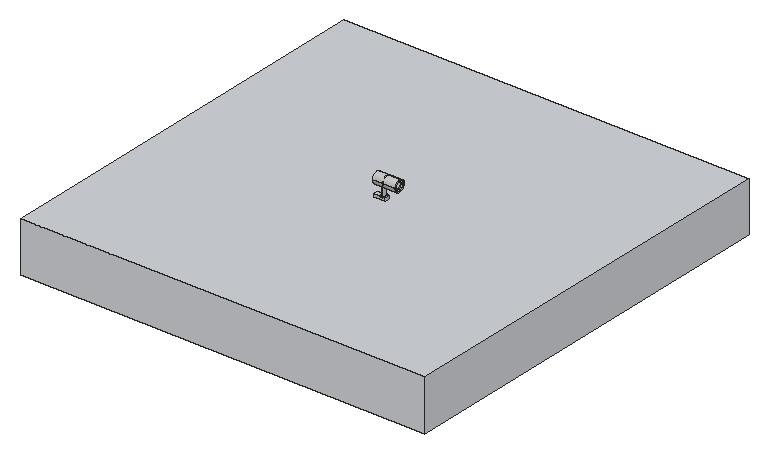
Revit family "LAMP_HANCE TRACK MEDIUM FLOOD", category Modelos genéricos, Revit 2015
Parameters (values of type "751LM 3000 BLACK")
  Weight = 0.47 kg
  Type = "COB PHILIPS"
  Total height = 190 mm
  Tilting angle [instance] = 90.00°
  Tilting [instance] = if(Tilting angle < 0.00°, 0.00°, if(Tilting angle > 90.00°, 90.00°, Tilting angle))  # 90.00°
  Rotation angle [instance] = 0.00°
  Rotation [instance] = if(Rotation angle < 0.00°, 90.00°, if(Rotation angle > 355.00°, 85.00°, Rotation angle + 90.00°))  # 90.00°
  Protection rating = "IP20"
  Profundidad tija = if(Longitud cuerpo = 210 mm, 18 mm, 8.2 mm)  # 8.2 mm
  Product datasheet = "http://www.lamp.es/product-files/TECH/HS1TK10MF830NBB-EN.pdf"
  Product code = "HS1TK10MF830NBB"
  Product URL = "http://www.lamp.es/en/family/hance_173901"
  Power Supply = "220-240V 50-60Hz"
  Power = 7 W
  Plum = 8.2 W
  Photometric web file = Cuerpo Hance TRACK MEDIUM FLOOD (tilting) : 751LM 3000 BLACK
  Modelo = Product code  # "HS1TK10MF830NBB"
  Model explanation = "Availability of tilting between 0º and 90º, rotation between 0º and 355º and change ring color when placed in a project."
  Material track = LAMP_Aluminio Hance Negro
  Material tija = LAMP_Aluminio Hance Negro
  Manufacturer name = "LAMP"
  Manufacturer country = "Spain"
  Manufacturer URL = "http://www.lamp.es/en"
  MacAdam = "3"
  Luminaire type = "Indoor - Spotlight"
  Longitud cuerpo = 135 mm
  Longitud aro = if(Longitud cuerpo = 135 mm, 63.6 mm, if(Longitud cuerpo = 170 mm, 98.6 mm, 138.6 mm))  # 63.6 mm
  Last update = "08/08/2018"
  Lamp = "LED COB"
  LED Lifetime = "50.000 L90 B10"
  Insulation class = "I"
  Installation instructions = "http://www.lamp.es/product-files/INS/1004280-A-INSTR.%20MONT%20HANCE%20TRACK220-SUR-REC.pdf"
  Initial intensity = 751 lm
  Initial color = 3000 K
  IEE = "A+"
  Gear = "Electronic"
  Finish = "Texturised black"
  Fabricante = Manufacturer name  # "LAMP"
  Default Elevation = 1219.2 mm
  Efficacy = 91.63 lm/W
  Diameter = 65 mm
  Descripción = "HANCE TRACK 220 1000 WW MFL BK."
  Decorative ring [instance] = Aro decorativo (tilting) : Black
  Comentarios de tipo = Model explanation  # "Availability of tilting between 0º and 90º, rotation between 0º and 355º and change ring color when placed in a project."
  CRI = "80"
  Body height = 135 mm
  Angulo aro [instance] = if(Tilting = 90.00°, 90.00°, -Tilting + 180.00°)  # 90.00°
  Anchura tija = if(Longitud cuerpo = 210 mm, 28 mm, 23 mm)  # 23 mm
  Altura tija = if(Longitud cuerpo = 210 mm, 49 mm, 63 mm)  # 63 mm
Types (17, lengths in mm): name | Weight | Total height | Profundidad tija | Product datasheet | Product code | Power | Plum | Photometric web file | Modelo | Material track | Material tija | Longitud cuerpo | Longitud aro | LED Lifetime | Initial intensity | Initial color | IEE | Finish | Efficacy | Diameter | Descripción | Body height | Anchura tija | Altura tija
  (no name) | 0.47 kg | 190 | 8.2 | "http://www.lamp.es/product-files/TECH/HS1TK10MF830NBB-EN.pdf" | "HS1TK10MF830NBB" | 7 W | 8.2 W | Cuerpo Hance TRACK MEDIUM FLOOD (tilting) : 751LM 3000 BLACK | "HS1TK10MF830NBB" | LAMP_Aluminio Hance Negro | LAMP_Aluminio Hance Negro | 135 | 63.6 | "50.000 L90 B10" | 751 lm | 3000 K | "A+" | "Texturised black" | 91.63 lm/W | 65 | "HANCE TRACK 220 1000 WW MFL BK." | 135 | 23 | 63
  751LM 3000 BLACK | 0.47 kg | 190 | 8.2 | "http://www.lamp.es/product-files/TECH/HS1TK10MF830NBB-EN.pdf" | "HS1TK10MF830NBB" | 7 W | 8.2 W | Cuerpo Hance TRACK MEDIUM FLOOD (tilting) : 751LM 3000 BLACK | "HS1TK10MF830NBB" | LAMP_Aluminio Hance Negro | LAMP_Aluminio Hance Negro | 135 | 63.6 | "50.000 L90 B10" | 751 lm | 3000 K | "A+" | "Texturised black" | 91.63 lm/W | 65 | "HANCE TRACK 220 1000 WW MFL BK." | 135 | 23 | 63
  751LM 3000 WHITE | 0.47 kg | 190 | 8.2 | "http://www.lamp.es/product-files/TECH/HS1TK10MF830NBW-EN.pdf" | "HS1TK10MF830NBW" | 7 W | 8.2 W | Cuerpo Hance TRACK MEDIUM FLOOD (tilting) : 751LM 3000 WHITE | "HS1TK10MF830NBW" | LAMP_Aluminio Hance Blanco | LAMP_Aluminio Hance Blanco | 135 | 63.6 | "50.000 L90 B10" | 751 lm | 3000 K | "A+" | "Texturised matt white" | 91.63 lm/W | 65 | "HANCE TRACK 220 1000 WW MFL WH." | 135 | 23 | 63
  794LM 4000 BLACK | 0.47 kg | 190 | 8.2 | "http://www.lamp.es/product-files/TECH/HS1TK10MF840NBB-EN.pdf" | "HS1TK10MF840NBB" | 7 W | 8.2 W | Cuerpo Hance TRACK MEDIUM FLOOD (tilting) : 794LM 4000 BLACK | "HS1TK10MF840NBB" | LAMP_Aluminio Hance Negro | LAMP_Aluminio Hance Negro | 135 | 63.6 | "50.000 L90 B10" | 794 lm | 4000 K | "A++" | "Texturised black" | 96.83 lm/W | 65 | "HANCE TRACK 220 1000 NW MFL BK." | 135 | 23 | 63
  794LM 4000 WHITE | 0.47 kg | 190 | 8.2 | "http://www.lamp.es/product-files/TECH/HS1TK10MF840NBW-EN.pdf" | "HS1TK10MF840NBW" | 7 W | 8.2 W | Cuerpo Hance TRACK MEDIUM FLOOD (tilting) : 794LM 4000 WHITE | "HS1TK10MF840NBW" | LAMP_Aluminio Hance Blanco | LAMP_Aluminio Hance Blanco | 135 | 63.6 | "50.000 L90 B10" | 794 lm | 4000 K | "A++" | "Texturised matt white" | 96.83 lm/W | 65 | "HANCE TRACK 220 1000 NW MFL WH." | 135 | 23 | 63
  1612LM 3000 BLACK | 0.65 kg | 225 | 8.2 | "http://www.lamp.es/product-files/TECH/HS1TK20MF830NBB-EN.pdf" | "HS1TK20MF830NBB" | 18 W | 21 W | Cuerpo Hance TRACK MEDIUM FLOOD (tilting) : 1612LM 3000 BLACK | "HS1TK20MF830NBB" | LAMP_Aluminio Hance Negro | LAMP_Aluminio Hance Negro | 170 | 98.6 | "50.000 L80 B10" | 1612 lm | 3000 K | "A+" | "Texturised black" | 76.74 lm/W | 65 | "HANCE TRACK 220 2000 WW MFL BK." | 170 | 23 | 63
  1612LM 3000 WHITE | 0.65 kg | 225 | 8.2 | "http://www.lamp.es/product-files/TECH/HS1TK20MF830NBW-EN.pdf" | "HS1TK20MF830NBW" | 18 W | 21 W | Cuerpo Hance TRACK MEDIUM FLOOD (tilting) : 1612LM 3000 WHITE | "HS1TK20MF830NBW" | LAMP_Aluminio Hance Blanco | LAMP_Aluminio Hance Blanco | 170 | 98.6 | "50.000 L80 B10" | 1612 lm | 3000 K | "A+" | "Texturised matt white" | 76.74 lm/W | 65 | "HANCE TRACK 220 2000 WW MFL WH." | 170 | 23 | 63
  1703LM 4000 BLACK | 0.65 kg | 225 | 8.2 | "http://www.lamp.es/product-files/TECH/HS1TK20MF840NBB-EN.pdf" | "HS1TK20MF840NBB" | 18 W | 21 W | Cuerpo Hance TRACK MEDIUM FLOOD (tilting) : 1703LM 4000 BLACK | "HS1TK20MF840NBB" | LAMP_Aluminio Hance Negro | LAMP_Aluminio Hance Negro | 170 | 98.6 | "50.000 L80 B10" | 1703 lm | 4000 K | "A+" | "Texturised black" | 81.09 lm/W | 65 | "HANCE TRACK 220 2000 NW MFL BK." | 170 | 23 | 63
  1703LM 4000 WHITE | 0.65 kg | 225 | 8.2 | "http://www.lamp.es/product-files/TECH/HS1TK20MF840NBW-EN.pdf" | "HS1TK20MF840NBW" | 18 W | 21 W | Cuerpo Hance TRACK MEDIUM FLOOD (tilting) : 1703LM 4000 WHITE | "HS1TK20MF840NBW" | LAMP_Aluminio Hance Blanco | LAMP_Aluminio Hance Blanco | 170 | 98.6 | "50.000 L80 B10" | 1703 lm | 4000 K | "A+" | "Texturised matt white" | 81.09 lm/W | 65 | "HANCE TRACK 220 2000 NW MFL WH." | 170 | 23 | 63
  2625LM 3000 BLACK | 1.35 kg | 265 | 18 | "http://www.lamp.es/product-files/TECH/HS1TK30MF830NBB-EN.pdf" | "HS1TK30MF830NBB" | 26 W | 28.6 W | Cuerpo Hance TRACK MEDIUM FLOOD (tilting) : 2625LM 3000 BLACK | "HS1TK30MF830NBB" | LAMP_Aluminio Hance Negro | LAMP_Aluminio Hance Negro | 210 | 138.6 | "50.000 L80 B10" | 2625 lm | 3000 K | "A+" | "Texturised black" | 91.77 lm/W | 90 | "HANCE TRACK 220 3000 WW MFL BK." | 210 | 28 | 49
  2625LM 3000 WHITE | 1.35 kg | 265 | 18 | "http://www.lamp.es/product-files/TECH/HS1TK30MF830NBW-EN.pdf" | "HS1TK30MF830NBW" | 26 W | 28.6 W | Cuerpo Hance TRACK MEDIUM FLOOD (tilting) : 2625LM 3000 WHITE | "HS1TK30MF830NBW" | LAMP_Aluminio Hance Blanco | LAMP_Aluminio Hance Blanco | 210 | 138.6 | "50.000 L80 B10" | 2625 lm | 3000 K | "A+" | "Texturised matt white" | 91.77 lm/W | 90 | "HANCE TRACK 220 3000 WW MFL WH." | 210 | 28 | 49
  2744LM 4000 BLACK | 1.35 kg | 265 | 18 | "http://www.lamp.es/product-files/TECH/HS1TK30MF840NBB-EN.pdf" | "HS1TK30MF840NBB" | 26 W | 28.6 W | Cuerpo Hance TRACK MEDIUM FLOOD (tilting) : 2744LM 4000 BLACK | "HS1TK30MF840NBB" | LAMP_Aluminio Hance Negro | LAMP_Aluminio Hance Negro | 210 | 138.6 | "50.000 L80 B10" | 2744 lm | 4000 K | "A+" | "Texturised black" | 95.94 lm/W | 90 | "HANCE TRACK 220 3000 NW MFL BK." | 210 | 28 | 49
  2744LM 4000 WHITE | 1.35 kg | 265 | 18 | "http://www.lamp.es/product-files/TECH/HS1TK30MF840NBW-EN.pdf" | "HS1TK30MF840NBW" | 26 W | 28.6 W | Cuerpo Hance TRACK MEDIUM FLOOD (tilting) : 2744LM 4000 WHITE | "HS1TK30MF840NBW" | LAMP_Aluminio Hance Blanco | LAMP_Aluminio Hance Blanco | 210 | 138.6 | "50.000 L80 B10" | 2744 lm | 4000 K | "A+" | "Texturised matt white" | 95.94 lm/W | 90 | "HANCE TRACK 220 3000 NW MFL WH." | 210 | 28 | 49
  3387LM 3000 BLACK | 1.35 kg | 265 | 18 | "http://www.lamp.es/product-files/TECH/HS1TK40MF830NBB-EN.pdf" | "HS1TK40MF830NBB" | 35 W | 39.5 W | Cuerpo Hance TRACK MEDIUM FLOOD (tilting) : 3387LM 3000 BLACK | "HS1TK40MF830NBB" | LAMP_Aluminio Hance Negro | LAMP_Aluminio Hance Negro | 210 | 138.6 | "50.000 L80 B10" | 3387 lm | 3000 K | "A+" | "Texturised black" | 85.75 lm/W | 90 | "HANCE TRACK 220 4000 WW MFL BK." | 210 | 28 | 49
  3387LM 3000 WHITE | 1.35 kg | 265 | 18 | "http://www.lamp.es/product-files/TECH/HS1TK40MF830NBW-EN.pdf" | "HS1TK40MF830NBW" | 35 W | 39.5 W | Cuerpo Hance TRACK MEDIUM FLOOD (tilting) : 3387LM 3000 WHITE | "HS1TK40MF830NBW" | LAMP_Aluminio Hance Blanco | LAMP_Aluminio Hance Blanco | 210 | 138.6 | "50.000 L80 B10" | 3387 lm | 3000 K | "A+" | "Texturised matt white" | 85.75 lm/W | 90 | "HANCE TRACK 220 4000 WW MFL WH." | 210 | 28 | 49
  3527LM 4000 BLACK | 1.35 kg | 265 | 18 | "http://www.lamp.es/product-files/TECH/HS1TK40MF840NBB-EN.pdf" | "HS1TK40MF840NBB" | 35 W | 39.5 W | Cuerpo Hance TRACK MEDIUM FLOOD (tilting) : 3527LM 4000 BLACK | "HS1TK40MF840NBB" | LAMP_Aluminio Hance Negro | LAMP_Aluminio Hance Negro | 210 | 138.6 | "50.000 L80 B10" | 3527 lm | 4000 K | "A+" | "Texturised black" | 89.29 lm/W | 90 | "HANCE TRACK 220 4000 NW MFL BK." | 210 | 28 | 49
  3527LM 4000 WHITE | 1.35 kg | 265 | 18 | "http://www.lamp.es/product-files/TECH/HS1TK40MF840NBW-EN.pdf" | "HS1TK40MF840NBW" | 35 W | 39.5 W | Cuerpo Hance TRACK MEDIUM FLOOD (tilting) : 3527LM 4000 WHITE | "HS1TK40MF840NBW" | LAMP_Aluminio Hance Blanco | LAMP_Aluminio Hance Blanco | 210 | 138.6 | "50.000 L80 B10" | 3527 lm | 4000 K | "A+" | "Texturised matt white" | 89.29 lm/W | 90 | "HANCE TRACK 220 4000 NW MFL WH." | 210 | 28 | 49
Reference planes
  plane 1 "Centro (Frontal/Posterior)": y = 0
  plane 2: z = 0
  plane 3 "Centro (Izquierda/Derecha)": x = 0
Forms (mm)
  Extrusion 1, solid
    sketch origin (0, 0, 0) x (1, 0, 0) y (0, 1, 0)
      loop
        line (-1219.2, 1219.2) -> (-1219.2, -1219.2) -> (1219.2, -1219.2) -> (1219.2, 1219.2) -> (-1219.2, 1219.2)
    from 0 to -304.8
  Extrusion 2, solid, material "LAMP_Aluminio Hance Negro" <- "Material track"
    sketch origin (-17.6, 0, 0) x (1, 0, 0) y (0, 1, 0)
      loop
        arc (-31.129, 16) -> (-35, 0) -> (-31.129, -16) r 35
        line (-31.129, -16) -> (31.129, -16)
        arc (31.129, -16) -> (35, 0) -> (31.129, 16) r 35
        line (31.129, 16) -> (-31.129, 16)
    from -26 to 14
  Extrusion 3, void
    sketch origin (0, 0, 0) x (0, 1, 0) y (0, 0, 1)
      loop
        line (17, 0) -> (7, 0) -> (7, -25) -> (-7, -25) -> (-7, 0) -> (-17, 0) -> (-17, -26) -> (17, -26) -> (17, 0)
    from -55.461 to 19.43
  Extrusion 4, void
    sketch origin (-17.6, 0, 0) x (-1, 0, 0) y (0, -1, 0)
      loop
        circle (-17.6, 0) r 6.5
    from -7.7 to 14
  Extrusion 5, solid, material "LAMP_Aluminio Hance Negro" <- "Material track"
    sketch origin (0, 0, 0) x (1, 0, 0) y (0, 1, 0)
      loop
        circle (-1, 0) r 15.5
    from 14 to 18
Cuts and joins
  Extrusion 3, Extrusion 4 cuts Extrusion 2
Lines and regions (mm)
  reference lines
    curve 1: line (0, 0, 0) -> (50, 0, 0)
Text (mm)
  text "Any modification of the parameters and properties of the LAMP BIM models must be executed and validated by the LAMP technical department.\n\nPhone: +34 93 736 68 00\n\nE-mail: lamp@lamp.es\n\n\n\nLAMP reserves the right to modify the technical specifications of its products." at (-21121.101, 14209.599, -7381.955), in view "Preview"
Dimensions and locks
  "Rotation": angle curve 1 to plane 3 "Centro (Izquierda/Derecha)"
  aligned and locked: plane 2 to Extrusion 1
  aligned and locked: level to Extrusion 1
  aligned and locked: plane 3 "Centro (Izquierda/Derecha)" to curve 1
  aligned and locked: plane 1 "Centro (Frontal/Posterior)" to curve 1
Automatic sketch dimensions
  Extrusion 1 sketch curve to Extrusion 1 sketch curve = 2438.4 mm  (x2)
  Extrusion 2 sketch curve to Extrusion 2 sketch curve = 0 mm  (x2)
  plane 1 "Centro (Frontal/Posterior)" to Extrusion 2 sketch curve = 0 mm
  Extrusion 2 sketch curve to plane 1 "Centro (Frontal/Posterior)" = 16 mm
  Extrusion 2 sketch curve to plane 3 "Centro (Izquierda/Derecha)" = 48.729 mm
  plane 1 "Centro (Frontal/Posterior)" to Extrusion 2 sketch curve = 16 mm
  Extrusion 2 sketch curve to plane 3 "Centro (Izquierda/Derecha)" = 17.6 mm
  plane 3 "Centro (Izquierda/Derecha)" to Extrusion 2 sketch curve = 13.529 mm
  Extrusion 3 sketch curve to level = 0 mm  (x2)
  plane 1 "Centro (Frontal/Posterior)" to Extrusion 3 sketch curve = 17 mm
  plane 1 "Centro (Frontal/Posterior)" to Extrusion 3 sketch curve = 7 mm
  Extrusion 3 sketch curve to plane 1 "Centro (Frontal/Posterior)" = 7 mm
  Extrusion 3 sketch curve to Extrusion 3 sketch curve = 10 mm
  Extrusion 3 sketch curve to Extrusion 3 sketch curve = 25 mm
  Extrusion 3 sketch curve to Extrusion 3 sketch curve = 1 mm
  plane 1 "Centro (Frontal/Posterior)" to Extrusion 4 sketch curve = 0 mm
  Extrusion 4 sketch curve to plane 3 "Centro (Izquierda/Derecha)" = 0 mm
  Extrusion 5 sketch curve to curve 1 = 0 mm
  Extrusion 5 sketch curve to curve 1 = 1 mm
  radius of Extrusion 4 sketch curve = 6.5 mm
  radius of Extrusion 5 sketch curve = 15.5 mm
Nested families
  nested 1: "Aro decorativo (tilting)" at (-0.5, 0, 73.163) x (1, 0, 0) z (0, 0, -1), type <- "Decorative ring", type "Black"
  nested 2: "Tija track" at (1, 0, 18), type "Tija track"
  nested 3: "Cuerpo Hance TRACK MEDIUM FLOOD (tilting)" at (-0.525, 0, 73.145) x (1, 0, 0) z (0, 0, -1), type <- "Photometric web file", type "751LM 3000 BLACK"
    with Longitud cuerpo 135 mm
Connectors
  electrical at (-17.6, 0, -25)
    settings: on cut or joined group of Extrusion 2, Extrusion 3, Extrusion 4, index 1, voltage 230 V, apparent load 0 VA, apparent load phase1 0 VA, apparent load phase2 0 VA, apparent load phase3 0 VA, power factor 1, load classification "Otro", number of poles 1, system type 31, power factor state 1, is connector primary yes, connector utility no, sub classification motor no, connector description ""
Definition of nested family "Aro decorativo (tilting)"
  Parameters (values of type "Copper")
    Weight (3000/4000) = 0.016 kg
    Weight (1000/2000) = 0.01 kg
    Tilting = 90.00°
    Product datasheet = ""
    Product code (3000/4000) = "HSRI90C"
    Product code (1000/2000) = "HSRI65C"
    Product URL = ""
    Model = ""
    Material aro = none
    Manufacturer name = "LAMP"
    Manufacturer country = "Spain"
    Manufacturer URL = "http://www.lamp.es/en"
    Longitud = 63.6 mm
    Last update = "21/05/2018"
    Installation instructions = ""
    Finish = "Metalized matt copper"
    Manufacturer = Manufacturer name  # "LAMP"
    Default Elevation = 1219.2 mm
    Diameter (3000/4000) = 90 mm
    Diameter (1000/2000) = 65 mm
    Description = ""
    Accessory Type = "Optic"
    3000/4000 Model = "HSRI90C"
    3000/4000 Description = "HANCE 3000/4000 ACC. RING DECO CO."
    1000/2000 Model = "HSRI65C"
    1000/2000 Description = "HANCE 1000/2000 ACC. RING DECO CO."
  Types (5, lengths in mm): name | Product code (3000/4000) | Product code (1000/2000) | Finish | 3000/4000 Model | 3000/4000 Description | 1000/2000 Model | 1000/2000 Description
    (no name) | "HSRI90C" | "HSRI65C" | "Metalized matt copper" | "HSRI90C" | "HANCE 3000/4000 ACC. RING DECO CO." | "HSRI65C" | "HANCE 1000/2000 ACC. RING DECO CO."
    Black | "HSRI90B" | "HSRI65B" | "Matt black" | "HSRI90B" | "HANCE 3000/4000 ACC. RING DECO BK." | "HSRI65B" | "HANCE 1000/2000 ACC. RING DECO BK."
    Copper | "HSRI90C" | "HSRI65C" | "Metalized matt copper" | "HSRI90C" | "HANCE 3000/4000 ACC. RING DECO CO." | "HSRI65C" | "HANCE 1000/2000 ACC. RING DECO CO."
    Grey | "HSRI90M" | "HSRI65M" | "Metalized matt silver" | "HSRI90M" | "HANCE 3000/4000 ACC. RING DECO MET." | "HSRI65M" | "HANCE 1000/2000 ACC. RING DECO MET."
    White | "HSRI90W" | "HSRI65W" | "Matt White" | "HSRI90W" | "HANCE 3000/4000 ACC. RING DECO WH." | "HSRI65W" | "HANCE 1000/2000 ACC. RING DECO WH."
  Reference planes
    plane 1 "Centro (Frontal/Posterior)": y = 0
    plane 2: z = 0
    plane 3 "Centro (Izquierda/Derecha)": x = 0
  Lines and regions (mm)
    reference lines
      curve 1: line (0, 0, 0) -> (0, 0, -27.9)
      curve 2: line (0, 0, -27.9) -> (80.8, 0, -27.9)
  Text (mm)
    text "Any modification of the parameters and properties of the LAMP BIM models must be executed and validated by the LAMP technical department.\n\nPhone: +34 93 736 68 00\n\nE-mail: lamp@lamp.es\n\n\n\nLAMP reserves the right to modify the technical specifications of its products." at (86527.204, -96597.187, 50741.736), in view "Preview"
  Dimensions and locks
    "Tilting": angle curve 1 to plane 2
    aligned and locked: level to plane 2
    aligned and locked: plane 3 "Centro (Izquierda/Derecha)" to curve 1
    aligned and locked: plane 2 to curve 1
  Automatic sketch dimensions
    curve 2 to curve 1 = 0 mm
    curve 1 to curve 2 = 0 mm
    curve 1 to curve 2 = 80.8 mm
  Nested families
    nested 1: "Aro decorativo" at (17.2, 0, 0), type "Copper"
  Definition of nested family "Aro decorativo"
    Parameters (values of type "Copper")
      Weight (3000/4000) = 0.016 kg
      Weight (1000/2000) = 0.01 kg
      Product datasheet = ""
      Product code (3000/4000) = "HSRI90C"
      Product code (1000/2000) = "HSRI65C"
      Product URL = ""
      Model = ""
      Material aro = none
      Manufacturer name = "LAMP"
      Manufacturer country = "Spain"
      Manufacturer URL = "http://www.lamp.es/en"
      Longitud = 63.6 mm
      Last update = "21/05/2018"
      Installation instructions = ""
      Finish = "Metalized matt copper"
      Manufacturer = Manufacturer name  # "LAMP"
      Default Elevation = 1219.2 mm
      Diametro vaciado aro interior = if(Diametro aro interior = 35.4 mm, 34.4 mm, 21.9 mm)  # 21.9 mm
      Diametro vaciado aro exterior = if(Diametro aro exterior = 42.9 mm, 41.9 mm, 29.4 mm)  # 29.4 mm
      Diametro aro interior = if(Diametro aro exterior = 42.9 mm, 35.4 mm, 22.9 mm)  # 22.9 mm
      Diametro aro exterior = if(Longitud = 138.6 mm, 42.9 mm, 30.4 mm)  # 30.4 mm
      Diameter (3000/4000) = 90 mm
      Diameter (1000/2000) = 65 mm
      Description = ""
      Accessory Type = "Optic"
      3000/4000 Model = "HSRI90C"
      3000/4000 Description = "HANCE 3000/4000 ACC. RING DECO CO."
      1000/2000 Description = "HANCE 1000/2000 ACC. RING DECO CO."
      1000/2000 Model = "HSRI65C"
    Types (5, lengths in mm): name | Product code (3000/4000) | Product code (1000/2000) | Finish | 3000/4000 Model | 3000/4000 Description | 1000/2000 Description | 1000/2000 Model
      (no name) | "HSRI90C" | "HSRI65C" | "Metalized matt copper" | "HSRI90C" | "HANCE 3000/4000 ACC. RING DECO CO." | "HANCE 1000/2000 ACC. RING DECO CO." | "HSRI65C"
      Black | "HSRI90B" | "HSRI65B" | "Matt black" | "HSRI90B" | "HANCE 3000/4000 ACC. RING DECO BK." | "HANCE 1000/2000 ACC. RING DECO BK." | "HSRI65B"
      Copper | "HSRI90C" | "HSRI65C" | "Metalized matt copper" | "HSRI90C" | "HANCE 3000/4000 ACC. RING DECO CO." | "HANCE 1000/2000 ACC. RING DECO CO." | "HSRI65C"
      Grey | "HSRI90M" | "HSRI65M" | "Metalized matt silver" | "HSRI90M" | "HANCE 3000/4000 ACC. RING DECO MET." | "HANCE 1000/2000 ACC. RING DECO MET." | "HSRI65M"
      White | "HSRI90W" | "HSRI65W" | "Matt white" | "HSRI90W" | "HANCE 3000/4000 ACC. RING DECO WH." | "HANCE 1000/2000 ACC. RING DECO WH." | "HSRI65W"
    Reference planes
      plane 1 "Centro (Frontal/Posterior)": y = 0
      plane 2: z = 0
      plane 3 "Centro (Izquierda/Derecha)": x = 0
    Forms (mm)
      Revolve 1, solid, material <- "Material aro"
        sketch origin (0, 0, -27.9) x (1, 0, 0) y (0, 0, 1)
          loop
            line (63.6, 0) -> (73.782, 0) -> (73.782, 30.4) -> (63.6, 22.9) -> (63.6, 0)
          axis (73.782, 0) -> (63.6, 0)
        angle from 0 to 360
      Revolve 2, void
        sketch origin (0, 0, -27.9) x (1, 0, 0) y (0, 0, 1)
          loop
            line (73.782, 29.4) -> (63.6, 21.9) -> (63.6, 0) -> (73.782, 0) -> (73.782, 29.4)
          axis (63.6, 0) -> (73.782, 0)
        angle from 0 to 360
    Cuts and joins
      Revolve 2 cuts Revolve 1
    Lines and regions (mm)
      reference lines
        curve 1: line (0, 0, -27.9) -> (63.6, 0, -27.9)
    Text (mm)
      text "Any modification of the parameters and properties of the LAMP BIM models must be executed and validated by the LAMP technical department.\n\nPhone: +34 93 736 68 00\n\nE-mail: lamp@lamp.es\n\n\n\nLAMP reserves the right to modify the technical specifications of its products." at (91886.357, -93022.329, 47898.266), in view "Preview"
    Dimensions and locks
      "Diametro aro exterior": Revolve 1 sketch curve to Revolve 1 sketch curve
      "Diametro vaciado aro exterior": Revolve 2 sketch curve to Revolve 2 sketch curve
      "Longitud": curve 1 to plane 3 "Centro (Izquierda/Derecha)"
      "Diametro aro interior": Revolve 1 sketch curve to Revolve 1 sketch curve
      "Diametro vaciado aro interior": Revolve 2 sketch curve to Revolve 2 sketch curve
      aligned and locked: level to plane 2
    Automatic sketch dimensions
      Revolve 1 sketch curve to curve 1 = 0 mm  (x4)
      curve 1 to Revolve 1 sketch curve = 10.182 mm
      Revolve 1 sketch curve to Revolve 1 sketch curve = 0 mm
      Revolve 2 sketch curve to curve 1 = 0 mm  (x3)
      curve 1 to Revolve 2 sketch curve = 10.182 mm
      Revolve 2 sketch curve to curve 1 = 1261.008 mm
      Revolve 2 sketch curve to Revolve 2 sketch curve = 1898.983 mm
      curve 1 to plane 3 "Centro (Izquierda/Derecha)" = 0 mm
      curve 1 to level = 27.9 mm
Definition of nested family "Tija track"
  Parameters (values of type "Tija track")
    Profundidad tija = 8.2 mm
    Material tija = none
    Default Elevation = 1219.2 mm
    Anchura tija = 23 mm
    Profundo vaciado = if(Profundidad tija = 18 mm, 10.8 mm, 1 mm)  # 1 mm
    Ancho vaciado = Anchura tija  # 23 mm
    Altura tija = 63 mm
  Reference planes
    plane 1 "Centro (Frontal/Posterior)": y = 0
    plane 2: z = 0
    plane 3 "Centro (Izquierda/Derecha)": x = 0
  Forms (mm)
    Extrusion 1, solid
      sketch origin (0, 0, 0) x (1, 0, 0) y (0, 1, 0)
        loop
          line (-1219.2, 1219.2) -> (-1219.2, -1219.2) -> (1219.2, -1219.2) -> (1219.2, 1219.2) -> (-1219.2, 1219.2)
      from 0 to -304.8
    Extrusion 2, solid, material <- "Material tija"
      sketch origin (0, 0, -18) x (1, 0, 0) y (0, 0, 1)
        loop
          line (4.1, 18) -> (4.1, 81) -> (-6.297, 81)
          arc (-6.297, 81) -> (-12.297, 75) -> (-6.297, 69) r 6
          line (-6.297, 69) -> (-4.1, 69) -> (-4.1, 18) -> (4.1, 18)
      from -11.5 to 11.5
    Extrusion 3, void
      sketch origin (0, 0, -20) x (-1, 0, 0) y (0, 0, 1)
        loop
          circle (7.297, 77) r 3
        loop
          circle (7.297, 63) r 3
      from -17.317 to 15.502
    Extrusion 4, void
      sketch origin (1, -11.5, 0) x (-1, 0, 0) y (0, 1, 0)
        loop
          line (0, 23) -> (-38.141, 23) -> (-38.141, 0) -> (0, 0)
          arc (0, 0) -> (-1.663, 11.5) -> (0, 23) r 40.6
      from -63 to 0
  Cuts and joins
    Extrusion 3, Extrusion 4 cuts Extrusion 2
  Lines and regions (mm)
    reference lines
      curve 1: line (1, -11.5, 0) -> (1, 11.5, 0)
  Dimensions and locks
    equal spacing: cut or joined group of Extrusion 2, Extrusion 3, Extrusion 4, plane 1 "Centro (Frontal/Posterior)", cut or joined group of Extrusion 2, Extrusion 3, Extrusion 4
    "Anchura tija": cut or joined group of Extrusion 2, Extrusion 3, Extrusion 4 to cut or joined group of Extrusion 2, Extrusion 3, Extrusion 4
    plane 1 "Centro (Frontal/Posterior)" to Extrusion 4 sketch curve = 11.5 mm
    "Altura tija": Extrusion 2 sketch curve to Extrusion 2 sketch curve
    "Profundidad tija": cut or joined group of Extrusion 2, Extrusion 3, Extrusion 4 to cut or joined group of Extrusion 2, Extrusion 3, Extrusion 4
    locked: cut or joined group of Extrusion 2, Extrusion 3, Extrusion 4 to plane 3 "Centro (Izquierda/Derecha)" at 4.1
    locked: plane 3 "Centro (Izquierda/Derecha)" to Extrusion 4 sketch curve at 39.141
    "Profundo vaciado": plane 3 "Centro (Izquierda/Derecha)" to curve 1
    "Ancho vaciado": Extrusion 4 sketch curve to Extrusion 4 sketch curve
    equal spacing: Extrusion 4 sketch curve, plane 1 "Centro (Frontal/Posterior)", Extrusion 4 sketch curve
    aligned and locked: plane 2 to Extrusion 1
    aligned and locked: level to Extrusion 1
  Automatic sketch dimensions
    Extrusion 1 sketch curve to Extrusion 1 sketch curve = 2438.4 mm  (x2)
    Extrusion 3 sketch curve to plane 3 "Centro (Izquierda/Derecha)" = 7.297 mm  (x2)
    level to Extrusion 3 sketch curve = 43 mm
    Extrusion 3 sketch curve to Extrusion 3 sketch curve = 14 mm
    Extrusion 2 sketch curve to level = 0 mm
    Extrusion 2 sketch curve to plane 3 "Centro (Izquierda/Derecha)" = 6.297 mm
    Extrusion 2 sketch curve to Extrusion 2 sketch curve = 2.197 mm
    plane 3 "Centro (Izquierda/Derecha)" to Extrusion 2 sketch curve = 4.1 mm
    Extrusion 2 sketch curve to Extrusion 2 sketch curve = 12 mm
    plane 1 "Centro (Frontal/Posterior)" to curve 1 = 11.5 mm
    curve 1 to plane 1 "Centro (Frontal/Posterior)" = 11.5 mm
    Extrusion 4 sketch curve to curve 1 = 0 mm  (x2)
    curve 1 to Extrusion 4 sketch curve = 38.937 mm
    radius of Extrusion 3 sketch curve = 3 mm  (x2)
Definition of nested family "Cuerpo Hance TRACK MEDIUM FLOOD (tilting)"
  Parameters (values of type "751LM 3000 BLACK")
    Tilting = 90.00°
    Photometric web file = Cuerpo Hance TRACK MEDIUM FLOOD : 751LM 3000 BLACK
    Longitud cuerpo = 210 mm
    Default Elevation = 1219.2 mm
  Types (16, lengths in mm): name | Photometric web file
    751LM 3000 BLACK | Cuerpo Hance TRACK MEDIUM FLOOD : 751LM 3000 BLACK
    751LM 3000 WHITE | Cuerpo Hance TRACK MEDIUM FLOOD : 751LM 3000 WHITE
    794LM 4000 BLACK | Cuerpo Hance TRACK MEDIUM FLOOD : 794LM 4000 BLACK
    794LM 4000 WHITE | Cuerpo Hance TRACK MEDIUM FLOOD : 794LM 4000 WHITE
    1612LM 3000 BLACK | Cuerpo Hance TRACK MEDIUM FLOOD : 1612LM 3000 BLACK
    1612LM 3000 WHITE | Cuerpo Hance TRACK MEDIUM FLOOD : 1612LM 3000 WHITE
    1703LM 4000 BLACK | Cuerpo Hance TRACK MEDIUM FLOOD : 1703LM 4000 BLACK
    1703LM 4000 WHITE | Cuerpo Hance TRACK MEDIUM FLOOD : 1703LM 4000 WHITE
    2625LM 3000 BLACK | Cuerpo Hance TRACK MEDIUM FLOOD : 2625LM 3000 BLACK
    2625LM 3000 WHITE | Cuerpo Hance TRACK MEDIUM FLOOD : 2625LM 3000 WHITE
    2744LM 4000 BLACK | Cuerpo Hance TRACK MEDIUM FLOOD : 2744LM 4000 BLACK
    2744LM 4000 WHITE | Cuerpo Hance TRACK MEDIUM FLOOD : 2744LM 4000 WHITE
    3387LM 3000 BLACK | Cuerpo Hance TRACK MEDIUM FLOOD : 3387LM 3000 BLACK
    3387LM 3000 WHITE | Cuerpo Hance TRACK MEDIUM FLOOD : 3387LM 3000 WHITE
    3527LM 4000 BLACK | Cuerpo Hance TRACK MEDIUM FLOOD : 3527LM 4000 BLACK
    3527LM 4000 WHITE | Cuerpo Hance TRACK MEDIUM FLOOD : 3527LM 4000 WHITE
  Reference planes
    plane 1 "Centro (Frontal/Posterior)": y = 0
    plane 2: z = 0
    plane 3 "Centro (Izquierda/Derecha)": x = 0
  Lines and regions (mm)
    reference lines
      curve 1: line (0, 0, 0) -> (200, 0, 0)
  Dimensions and locks
    "Tilting": angle plane 3 "Centro (Izquierda/Derecha)" to curve 1
    aligned and locked: level to plane 2
    aligned and locked: plane 3 "Centro (Izquierda/Derecha)" to curve 1
    aligned and locked: plane 2 to curve 1
  Nested families
    nested 1: "Cuerpo Hance TRACK MEDIUM FLOOD" at (0, 0, 0), type <- "Photometric web file", type "751LM 3000 BLACK"
      with Radio vacio posterior 42.8 mm, Radio vaciado 43.5 mm, Radio cuerpo 45 mm, Longitud cuerpo 210 mm, Long. origen luz 90 mm, L_3 39.6 mm, L_2 36.3 mm, L_1 36.8 mm, Diametro aro 42.9 mm, Ancho vaciado reflector 34.4 mm, Ancho reflector 35.4 mm, Ancho disipador posterior 80.4 mm, Altura disipador superior 23.9 mm, Ancho disipador superior 28 mm
  Definition of nested family "Cuerpo Hance TRACK MEDIUM FLOOD"
    Parameters (values of type "751LM 3000 BLACK")
      Tilt Angle = 90.00° + Tilting  # 180.00°
      Wattage = 8.2 W
      Tilting = 90.00°
      built-in parameter 1150107 = 3000 (stored number, unit not read)
      Radio vacio posterior = Radio cuerpo - 2.2 mm  # 30.3 mm
      Radio vaciado = Radio cuerpo - 1.5 mm  # 31 mm
      Radio cuerpo = if(Longitud cuerpo = 210 mm, 45 mm, 32.5 mm)  # 32.5 mm
      built-in parameter 1150110 = 1 (stored number, unit not read)
      built-in parameter 1150109 = 1 (stored number, unit not read)
      built-in parameter 1150112 = 1 (stored number, unit not read)
      built-in parameter 1150113 = 1 (stored number, unit not read)
      built-in parameter 1114218 = 1 (stored number, unit not read)
      built-in parameter 1150137 = (empty or 0)
      built-in parameter 1150132 = 2
      Material reflector = none
      Material cuerpo = none
      Material COB = none
      Longitud cuerpo = 135 mm
      Long. origen luz = if(Longitud cuerpo = 135 mm, 20 mm, if(Longitud cuerpo = 170 mm, 55 mm, 90 mm))  # 20 mm
      L_3 = if(Ancho disipador posterior = 80.4 mm, 39.6 mm, 12 mm)  # 12 mm
      L_2 = if(Ancho disipador posterior = 80.4 mm, 36.3 mm, 22.6 mm)  # 22.6 mm
      L_1 = if(Ancho disipador posterior = 80.4 mm, 36.8 mm, 25.4 mm)  # 25.4 mm
      built-in parameter 1150105 = 13113.2 (stored number, unit not read)
      built-in parameter 1150102 = (empty or 0)
      built-in parameter 1150106 = 131.13 (stored number, unit not read)
      Lumens = 751.366 lm
      Color Filter = 16777215
      built-in parameter 1114217 = 1 (stored number, unit not read)
      built-in parameter 1150139 = (empty or 0)
      Default Elevation = 1219.2 mm
      built-in parameter 1150104 = 8.5127 (stored number, unit not read)
      Efficacy = 91.63 lm/W
      Diametro aro = if(Radio cuerpo = 45 mm, 42.9 mm, 30.4 mm)  # 30.4 mm
      built-in parameter 1150115 = 1 (stored number, unit not read)
      built-in parameter 1150114 = 1 (stored number, unit not read)
      built-in parameter 1150138 = (empty or 0)
      built-in parameter 1150134 = (empty or 0)
      Dimming Lamp Color Temperature Shift = (empty or 0)
      Photometric Web File = "HS1TK10MF830NBB.IES"
      Ancho vaciado reflector = if(Radio cuerpo = 45 mm, 34.4 mm, 21.9 mm)  # 21.9 mm
      Ancho reflector = if(Radio cuerpo = 45 mm, 35.4 mm, 22.9 mm)  # 22.9 mm
      Ancho disipador posterior = if(Radio cuerpo = 32.5 mm, 53 mm, 80.4 mm)  # 53 mm
      built-in parameter 1150133 = 10 (stored number, unit not read)
      Altura disipador superior = if(Radio cuerpo = 45 mm, 23.9 mm, 36.9 mm)  # 36.9 mm
      Ancho disipador superior = if(Radio cuerpo = 45 mm, 28 mm, 22.6 mm)  # 22.6 mm
    Types (16, lengths in mm): name | Wattage | built-in parameter 1150107 | Radio vacio posterior | Radio vaciado | Radio cuerpo | Longitud cuerpo | Long. origen luz | L_3 | L_2 | L_1 | built-in parameter 1150105 | built-in parameter 1150106 | Lumens | built-in parameter 1150104 | Efficacy | Diametro aro | built-in parameter 1150134 | Photometric Web File | Ancho vaciado reflector | Ancho reflector | Ancho disipador posterior | Altura disipador superior | Ancho disipador superior
      751LM 3000 BLACK | 8.2 W | 3000 (stored number, unit not read) | 30.3 | 31 | 32.5 | 135 | 20 | 12 | 22.6 | 25.4 | 13113.2 (stored number, unit not read) | 131.13 (stored number, unit not read) | 751.366 lm | 8.5127 (stored number, unit not read) | 91.63 lm/W | 30.4 | (empty or 0) | "HS1TK10MF830NBB.IES" | 21.9 | 22.9 | 53 | 36.9 | 22.6
      751LM 3000 WHITE | 8.2 W | 3000 (stored number, unit not read) | 30.3 | 31 | 32.5 | 135 | 20 | 12 | 22.6 | 25.4 | 13113.2 (stored number, unit not read) | 131.13 (stored number, unit not read) | 751.366 lm | 8.5127 (stored number, unit not read) | 91.63 lm/W | 30.4 | (empty or 0) | "HS1TK10MF830NBW.IES" | 21.9 | 22.9 | 53 | 36.9 | 22.6
      794LM 4000 BLACK | 8.2 W | 4000 (stored number, unit not read) | 30.3 | 31 | 32.5 | 135 | 20 | 12 | 22.6 | 25.4 | 2917 (stored number, unit not read) | 29.17 (stored number, unit not read) | 794.006 lm | 8.9958 (stored number, unit not read) | 96.83 lm/W | 30.4 | 12 | "HS1TK10MF840NBB.IES" | 21.9 | 22.9 | 53 | 36.9 | 22.6
      794LM 4000 WHITE | 8.2 W | 4000 (stored number, unit not read) | 30.3 | 31 | 32.5 | 135 | 20 | 12 | 22.6 | 25.4 | 2917 (stored number, unit not read) | 29.17 (stored number, unit not read) | 794.006 lm | 8.9958 (stored number, unit not read) | 96.83 lm/W | 30.4 | 12 | "HS1TK10MF840NBW.IES" | 21.9 | 22.9 | 53 | 36.9 | 22.6
      1612LM 3000 BLACK | 21 W | 3000 (stored number, unit not read) | 30.3 | 31 | 32.5 | 170 | 55 | 12 | 22.6 | 25.4 | 5920.5 (stored number, unit not read) | 59.205 (stored number, unit not read) | 1611.54 lm | 7.1294 (stored number, unit not read) | 76.74 lm/W | 30.4 | (empty or 0) | "HS1TK20MF830NBB.IES" | 21.9 | 22.9 | 53 | 36.9 | 22.6
      1612LM 3000 WHITE | 21 W | 3000 (stored number, unit not read) | 30.3 | 31 | 32.5 | 170 | 55 | 12 | 22.6 | 25.4 | 5920.5 (stored number, unit not read) | 59.205 (stored number, unit not read) | 1611.54 lm | 7.1294 (stored number, unit not read) | 76.74 lm/W | 30.4 | (empty or 0) | "HS1TK20MF830NBW.IES" | 21.9 | 22.9 | 53 | 36.9 | 22.6
      1703LM 4000 BLACK | 21 W | 4000 (stored number, unit not read) | 30.3 | 31 | 32.5 | 170 | 55 | 12 | 22.6 | 25.4 | 5846.4 (stored number, unit not read) | 58.464 (stored number, unit not read) | 1702.89 lm | 7.5335 (stored number, unit not read) | 81.09 lm/W | 30.4 | 12 | "HS1TK20MF840NBB.IES" | 21.9 | 22.9 | 53 | 36.9 | 22.6
      1703LM 4000 WHITE | 21 W | 4000 (stored number, unit not read) | 30.3 | 31 | 32.5 | 170 | 55 | 12 | 22.6 | 25.4 | 5846.4 (stored number, unit not read) | 58.464 (stored number, unit not read) | 1702.89 lm | 7.5335 (stored number, unit not read) | 81.09 lm/W | 30.4 | 12 | "HS1TK20MF840NBW.IES" | 21.9 | 22.9 | 53 | 36.9 | 22.6
      2625LM 3000 BLACK | 28.6 W | 3000 (stored number, unit not read) | 42.8 | 43.5 | 45 | 210 | 90 | 39.6 | 36.3 | 36.8 | 9010.9 (stored number, unit not read) | 90.109 (stored number, unit not read) | 2624.62 lm | 8.5257 (stored number, unit not read) | 91.77 lm/W | 42.9 | (empty or 0) | "HS1TK30MF830NBB.IES" | 34.4 | 35.4 | 80.4 | 23.9 | 28
      2625LM 3000 WHITE | 28.6 W | 3000 (stored number, unit not read) | 42.8 | 43.5 | 45 | 210 | 90 | 39.6 | 36.3 | 36.8 | 9010.9 (stored number, unit not read) | 90.109 (stored number, unit not read) | 2624.62 lm | 8.5257 (stored number, unit not read) | 91.77 lm/W | 42.9 | (empty or 0) | "HS1TK30MF830NBW.IES" | 34.4 | 35.4 | 80.4 | 23.9 | 28
      2744LM 4000 BLACK | 28.6 W | 4000 (stored number, unit not read) | 42.8 | 43.5 | 45 | 210 | 90 | 39.6 | 36.3 | 36.8 | 12142 (stored number, unit not read) | 121.42 (stored number, unit not read) | 2743.88 lm | 8.9131 (stored number, unit not read) | 95.94 lm/W | 42.9 | 12 | "HS1TK30MF840NBB.IES" | 34.4 | 35.4 | 80.4 | 23.9 | 28
      2744LM 4000 WHITE | 28.6 W | 4000 (stored number, unit not read) | 42.8 | 43.5 | 45 | 210 | 90 | 39.6 | 36.3 | 36.8 | 12142 (stored number, unit not read) | 121.42 (stored number, unit not read) | 2743.88 lm | 8.9131 (stored number, unit not read) | 95.94 lm/W | 42.9 | 12 | "HS1TK30MF840NBW.IES" | 34.4 | 35.4 | 80.4 | 23.9 | 28
      3387LM 3000 BLACK | 39.5 W | 3000 (stored number, unit not read) | 42.8 | 43.5 | 45 | 210 | 90 | 39.6 | 36.3 | 36.8 | 14988.4 (stored number, unit not read) | 149.88 (stored number, unit not read) | 3387.13 lm | 7.9664 (stored number, unit not read) | 85.75 lm/W | 42.9 | (empty or 0) | "HS1TK40MF830NBB.IES" | 34.4 | 35.4 | 80.4 | 23.9 | 28
      3387LM 3000 WHITE | 39.5 W | 3000 (stored number, unit not read) | 42.8 | 43.5 | 45 | 210 | 90 | 39.6 | 36.3 | 36.8 | 14988.4 (stored number, unit not read) | 149.88 (stored number, unit not read) | 3387.13 lm | 7.9664 (stored number, unit not read) | 85.75 lm/W | 42.9 | (empty or 0) | "HS1TK40MF830NBW.IES" | 34.4 | 35.4 | 80.4 | 23.9 | 28
      3527LM 4000 BLACK | 39.5 W | 4000 (stored number, unit not read) | 42.8 | 43.5 | 45 | 210 | 90 | 39.6 | 36.3 | 36.8 | 15170.1 (stored number, unit not read) | 151.7 (stored number, unit not read) | 3526.96 lm | 8.2953 (stored number, unit not read) | 89.29 lm/W | 42.9 | 12 | "HS1TK40MF840NBB.IES" | 34.4 | 35.4 | 80.4 | 23.9 | 28
      3527LM 4000 WHITE | 39.5 W | 4000 (stored number, unit not read) | 42.8 | 43.5 | 45 | 210 | 90 | 39.6 | 36.3 | 36.8 | 15170.1 (stored number, unit not read) | 151.7 (stored number, unit not read) | 3526.96 lm | 8.2953 (stored number, unit not read) | 89.29 lm/W | 42.9 | 12 | "HS1TK40MF840NBW.IES" | 34.4 | 35.4 | 80.4 | 23.9 | 28
    Reference planes
      plane 1 "Centro (Frontal/Posterior)": y = 0
      plane 2: z = 0
      plane 3 "Centro (Izquierda/Derecha)": x = 0
    Forms (mm)
      Extrusion 1, solid, material <- "Material cuerpo"
        sketch origin (0, 0, 0) x (0, -1, 0) y (0, 0, 1)
          loop
            circle (0, -27.875) r 32.5
        from -93 to 42
      Extrusion 2, void
        sketch origin (0, 0, 0) x (0, 1, 0) y (0, 0, 1)
          loop
            line (11.3, 30) -> (-11.3, 30) -> (-11.3, -6.9)
            arc (-11.3, -6.9) -> (0, -7.855) -> (11.3, -6.9) r 67.349
            line (11.3, -6.9) -> (11.3, 30)
        from -42 to 9.4
      Extrusion 3, void
        sketch origin (0, 0, 0) x (0, 1, 0) y (0, 0, 1)
          loop
            circle (0, -27.875) r 30.3
        from -42 to -41
      Extrusion 4, void
        sketch origin (0, 0, 0) x (0, 1, 0) y (0, 0, 1)
          loop
            line (26.5, -26.291) -> (-26.5, -26.291)
            arc (-26.5, -26.291) -> (-27.7, -27.491) -> (-26.5, -28.691) r 1.2
            line (-26.5, -28.691) -> (26.5, -28.691)
            arc (26.5, -28.691) -> (27.7, -27.491) -> (26.5, -26.291) r 1.2
          loop
            line (26.115, -30.891) -> (-26.115, -30.891)
            arc (-26.115, -30.891) -> (-27.315, -32.091) -> (-26.115, -33.291) r 1.2
            line (-26.115, -33.291) -> (26.115, -33.291)
            arc (26.115, -33.291) -> (27.315, -32.091) -> (26.115, -30.891) r 1.2
          loop
            line (25.4, -35.55) -> (-24.915, -35.55)
            arc (-24.915, -35.55) -> (-26.115, -36.75) -> (-24.915, -37.95) r 1.2
            line (-24.915, -37.95) -> (25.4, -37.95)
            arc (25.4, -37.95) -> (26.6, -36.75) -> (25.4, -35.55) r 1.2
          loop
            line (22.6, -40.091) -> (-22.64, -40.091)
            arc (-22.64, -40.091) -> (-23.84, -41.291) -> (-22.64, -42.491) r 1.2
            line (-22.64, -42.491) -> (22.6, -42.491)
            arc (22.6, -42.491) -> (23.8, -41.291) -> (22.6, -40.091) r 1.2
          loop
            line (19.043, -44.691) -> (-19.086, -44.691)
            arc (-19.086, -44.691) -> (-20.286, -45.891) -> (-19.086, -47.091) r 1.2
            line (-19.086, -47.091) -> (19.043, -47.091)
            arc (19.043, -47.091) -> (20.243, -45.891) -> (19.043, -44.691) r 1.2
          loop
            line (15.357, -49.291) -> (-15.5, -49.291)
            arc (-15.5, -49.291) -> (-16.6, -50.391) -> (-15.5, -51.491) r 1.1
            line (-15.5, -51.491) -> (15.357, -51.491)
            arc (15.357, -51.491) -> (16.457, -50.391) -> (15.357, -49.291) r 1.1
          loop
            line (6, -53.691) -> (-6, -53.691)
            arc (-6, -53.691) -> (-7.1, -54.791) -> (-6, -55.891) r 1.1
            line (-6, -55.891) -> (6, -55.891)
            arc (6, -55.891) -> (7.1, -54.791) -> (6, -53.691) r 1.1
        from -42 to -38.7
      Extrusion 5, void
        sketch origin (0, 0, 0) x (-1, 0, 0) y (0, -1, 0)
          loop
            line (37.7, -9.12) -> (37.7, 9.12)
            arc (37.7, 9.12) -> (36.6, 10.22) -> (35.5, 9.12) r 1.1
            line (35.5, 9.12) -> (35.5, -9.12)
            arc (35.5, -9.12) -> (36.6, -10.22) -> (37.7, -9.12) r 1.1
          loop
            line (28.9, -9.12) -> (28.9, 9.12)
            arc (28.9, 9.12) -> (27.8, 10.22) -> (26.7, 9.12) r 1.1
            line (26.7, 9.12) -> (26.7, -9.12)
            arc (26.7, -9.12) -> (27.8, -10.22) -> (28.9, -9.12) r 1.1
          loop
            line (20.1, -9.12) -> (20.1, 9.12)
            arc (20.1, 9.12) -> (19, 10.22) -> (17.9, 9.12) r 1.1
            line (17.9, 9.12) -> (17.9, -9.12)
            arc (17.9, -9.12) -> (19, -10.22) -> (20.1, -9.12) r 1.1
        from -51.491 to 30
      Extrusion 6, void
        sketch origin (0, 0, 0) x (-1, 0, 0) y (0, -1, 0)
          loop
            line (33.3, -9.12) -> (33.3, 9.12)
            arc (33.3, 9.12) -> (32.2, 10.22) -> (31.1, 9.12) r 1.1
            line (31.1, 9.12) -> (31.1, -9.12)
            arc (31.1, -9.12) -> (32.2, -10.22) -> (33.3, -9.12) r 1.1
          loop
            line (24.5, -9.12) -> (24.5, 9.12)
            arc (24.5, 9.12) -> (23.4, 10.22) -> (22.3, 9.12) r 1.1
            line (22.3, 9.12) -> (22.3, -9.12)
            arc (22.3, -9.12) -> (23.4, -10.22) -> (24.5, -9.12) r 1.1
        from -8.232 to 30
      Extrusion 7, void
        sketch origin (0, 0, 0) x (0, 1, 0) y (0, 0, 1)
          loop
            circle (0, -27.875) r 31
        from 17.213 to 93
      Revolve 8, solid, material <- "Material reflector"
        sketch origin (0, 0, 0) x (1, 0, 0) y (0, 0, 1)
          loop
            line (60.5, -27.875) -> (80.818, -27.875) -> (80.818, -4.975) -> (60.5, -19.875) -> (60.5, -27.875)
          axis (60.5, -27.875) -> (80.818, -27.875)
        angle from 0 to 360
      Revolve 9, void
        sketch origin (0, 0, 0) x (1, 0, 0) y (0, 0, 1)
          loop
            line (80.818, -5.975) -> (61.5, -20.142) -> (60.5, -20.142) -> (60.5, -27.875) -> (61.5, -27.875) -> (80.818, -27.875) -> (80.818, -5.975)
          axis (80.818, -27.875) -> (60.5, -27.875)
        angle from 0 to 360
      Extrusion 10, solid, material <- "Material COB"
        sketch origin (0, 0, 0) x (0, -1, 0) y (0, 0, 1)
          loop
            circle (0, -27.875) r 7.733
        from -61.5 to -60.5
    Cuts and joins
      Extrusion 2, Extrusion 3, Extrusion 4, Extrusion 5, Extrusion 6, Extrusion 7 cuts Extrusion 1
      Revolve 9 cuts Revolve 8
    Lines and regions (mm)
      reference lines
        curve 1: line (0, 0, 0) -> (178.042, 0, 0)
        curve 2: line (93, 0, -27.875) -> (113, 0, -27.875)
        curve 3: line (0, 0, 0) -> (0, 0, -75)
        curve 4: line (93, 0, -22.875) -> (93, 0, -32.875)
    Text (mm)
      text "Any modification of the parameters and properties of the LAMP BIM models must be executed and validated by the LAMP technical department.\n\nPhone: +34 93 736 68 00\n\nE-mail: lamp@lamp.es\n\n\n\nLAMP reserves the right to modify the technical specifications of its products." at (97482.136, -81600.41, 57308.082), in view "Preview"
    Dimensions and locks
      locked: Revolve 9 sketch curve to cut or joined group of Extrusion 1, Extrusion 2, Extrusion 3, Extrusion 4, Extrusion 5, Extrusion 6, Extrusion 7 at 12.182
      "Longitud cuerpo": cut or joined group of Extrusion 1, Extrusion 2, Extrusion 3, Extrusion 4, Extrusion 5, Extrusion 6, Extrusion 7 to cut or joined group of Extrusion 1, Extrusion 2, Extrusion 3, Extrusion 4, Extrusion 5, Extrusion 6, Extrusion 7
      locked: cut or joined group of Extrusion 1, Extrusion 2, Extrusion 3, Extrusion 4, Extrusion 5, Extrusion 6, Extrusion 7 to curve 3 at 42
      locked: cut or joined group of Revolve 8, Revolve 9 to cut or joined group of Extrusion 1, Extrusion 2, Extrusion 3, Extrusion 4, Extrusion 5, Extrusion 6, Extrusion 7 at 12.182
      locked: cut or joined group of Revolve 8, Revolve 9 to cut or joined group of Revolve 8, Revolve 9 at 20.318
      locked: cut or joined group of Extrusion 1, Extrusion 2, Extrusion 3, Extrusion 4, Extrusion 5, Extrusion 6, Extrusion 7 to Extrusion 10 at 31.5
      locked: Extrusion 10 to Extrusion 10 at 1
      "Long. origen luz": curve 4 to curve 2
      equal spacing: Extrusion 4 sketch curve, plane 1 "Centro (Frontal/Posterior)", Extrusion 4 sketch curve  (x2)
      "Ancho disipador posterior": Extrusion 4 sketch curve to Extrusion 4 sketch curve
      "L_1": Extrusion 4 sketch curve to plane 1 "Centro (Frontal/Posterior)"
      "L_2": Extrusion 4 sketch curve to curve 3
      "L_3": Extrusion 4 sketch curve to Extrusion 4 sketch curve
      equal spacing: Extrusion 2 sketch curve, plane 1 "Centro (Frontal/Posterior)", Extrusion 2 sketch curve
      "Ancho disipador superior": Extrusion 2 sketch curve to Extrusion 2 sketch curve
      "Altura disipador superior": Extrusion 2 sketch curve to Extrusion 2 sketch curve
      locked: plane 2 to Extrusion 2 sketch curve at 30
      "Ancho reflector": Revolve 8 sketch curve to imposter light
      "Ancho vaciado reflector": Revolve 9 sketch curve to imposter light
      "Radio cuerpo": radius of Extrusion 1 sketch curve
      "Radio vaciado": radius of Extrusion 7 sketch curve
      "Radio vacio posterior": radius of Extrusion 3 sketch curve
      "Tilting": angle plane 3 "Centro (Izquierda/Derecha)" to curve 1
      aligned and locked: level to plane 2
      aligned and locked: imposter light to curve 2  (x2)
      aligned and locked: cut or joined group of Extrusion 1, Extrusion 2, Extrusion 3, Extrusion 4, Extrusion 5, Extrusion 6, Extrusion 7 to cut or joined group of Extrusion 1, Extrusion 2, Extrusion 3, Extrusion 4, Extrusion 5, Extrusion 6, Extrusion 7
    Automatic sketch dimensions
      curve 1 to Extrusion 5 sketch curve = 17.9 mm
      Extrusion 5 sketch curve to Extrusion 5 sketch curve = 1.1 mm  (x3)
      Extrusion 5 sketch curve to Extrusion 5 sketch curve = 6.6 mm  (x2)
      Extrusion 5 sketch curve to curve 1 = 9.12 mm  (x2)
      Extrusion 5 sketch curve to Extrusion 5 sketch curve = 0 mm  (x3)
      curve 1 to Extrusion 5 sketch curve = 9.12 mm
      curve 1 to Extrusion 6 sketch curve = 22.3 mm
      Extrusion 6 sketch curve to Extrusion 6 sketch curve = 1.1 mm  (x2)
      Extrusion 6 sketch curve to Extrusion 6 sketch curve = 6.6 mm
      Extrusion 6 sketch curve to curve 1 = 9.12 mm
      Extrusion 6 sketch curve to Extrusion 6 sketch curve = 0 mm  (x2)
      curve 1 to Extrusion 6 sketch curve = 9.12 mm
      Extrusion 10 sketch curve to plane 1 "Centro (Frontal/Posterior)" = 0 mm
      Extrusion 1 sketch curve to plane 1 "Centro (Frontal/Posterior)" = 0 mm
      Extrusion 1 sketch curve to level = 27.875 mm
      Extrusion 2 sketch curve to plane 1 "Centro (Frontal/Posterior)" = 0 mm
      Extrusion 2 sketch curve to Extrusion 2 sketch curve = 29.494 mm
      Extrusion 3 sketch curve to plane 1 "Centro (Frontal/Posterior)" = 0 mm
      Extrusion 3 sketch curve to level = 27.875 mm
      Extrusion 4 sketch curve to Extrusion 4 sketch curve = 0.385 mm  (x2)
      Extrusion 4 sketch curve to Extrusion 4 sketch curve = 1.2 mm  (x6)
      Extrusion 4 sketch curve to Extrusion 4 sketch curve = 2.276 mm
      Extrusion 4 sketch curve to Extrusion 4 sketch curve = 3.554 mm
      Extrusion 4 sketch curve to Extrusion 4 sketch curve = 3.586 mm
      Extrusion 4 sketch curve to Extrusion 4 sketch curve = 9.357 mm
      Extrusion 4 sketch curve to Extrusion 4 sketch curve = 3.557 mm
      Extrusion 4 sketch curve to level = 55.891 mm
      Extrusion 4 sketch curve to Extrusion 4 sketch curve = 1.1 mm  (x2)
      Extrusion 4 sketch curve to Extrusion 4 sketch curve = 2.2 mm  (x4)
      Extrusion 4 sketch curve to Extrusion 4 sketch curve = 2.141 mm
      Extrusion 4 sketch curve to Extrusion 4 sketch curve = 2.259 mm
      Extrusion 7 sketch curve to plane 1 "Centro (Frontal/Posterior)" = 0 mm
      Extrusion 7 sketch curve to level = 27.875 mm
      curve 1 to Revolve 8 sketch curve = 19.875 mm
      curve 1 to Revolve 8 sketch curve = 60.5 mm
      Revolve 8 sketch curve to Revolve 8 sketch curve = 20.318 mm
      Revolve 8 sketch curve to Revolve 8 sketch curve = 8 mm
      Revolve 8 sketch curve to Revolve 8 sketch curve = 0 mm  (x2)
      Revolve 8 sketch curve to Revolve 8 sketch curve = 9.682 mm
      Revolve 9 sketch curve to Revolve 9 sketch curve = 19.318 mm
      Revolve 9 sketch curve to Revolve 9 sketch curve = 0 mm  (x3)
      Revolve 9 sketch curve to Revolve 9 sketch curve = 1 mm
      curve 1 to Revolve 9 sketch curve = 20.142 mm
      Revolve 9 sketch curve to Revolve 9 sketch curve = 7.733 mm
      Revolve 9 sketch curve to Revolve 9 sketch curve = 9.682 mm
      curve 1 to level = 0 mm
      curve 1 to plane 3 "Centro (Izquierda/Derecha)" = 0 mm
      curve 3 to curve 1 = 0 mm  (x2)
      curve 3 to curve 1 = 75 mm
      curve 1 to curve 4 = 32.875 mm
      curve 4 to curve 1 = 85.042 mm
      curve 4 to curve 2 = 5 mm
      curve 2 to curve 4 = 5 mm
      radius of Extrusion 10 sketch curve = 7.733 mm
